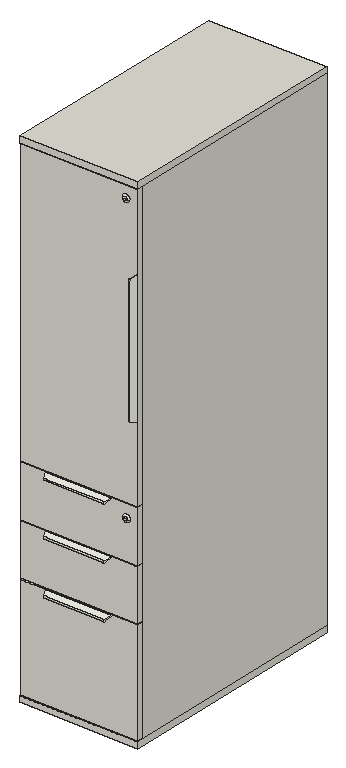
Revit family "Haworth_BeHold_PersonalStorageTower_HingedBookcase_15Wide", category Furniture Systems, Revit 2018
Family settings
  Round Connector Dimension = Use Diameter
  Part Type = Normal
  OmniClass Number = 23.40.70.14.64.21
  OmniClass Title = Systems Furniture
  Work Plane-Based = No
  Always vertical = Yes
  Cut with Voids When Loaded = No
  Shared = No
  Room Calculation Point = No
Parameters (values of type "B/B/F - 30d 65h - Inset Back")
  With Lock = yes
  Wing Drawer Pull Length = if(Actual Width < 15", 6 1/2", if(Actual Width < 24", 8 5/16", if(Actual Width < 36", 13 1/8", 16 3/4")))  # 8 5/16"
  Wing Pull = yes
  Wing Door Pull Length = if(Actual Height < 49", 6 1/2", if(Actual Height < 57", 8 5/16", if(Actual Height < 65", 13 1/8", 16 3/4")))  # 16 3/4"
  Warranty = "http://www.haworth.com/resources/product-info/warranties"
  URL - Product = "https://www.haworth.com/na/en/products/active-storage/be-hold.html"
  URL = "www.haworth.com"
  Trim Finish [instance] = Haworth _ Paint _ Smooth Plaster
  Total Drawer Height = Storage Height - Bottom Case Offset - Case Thickness - 1/4"  # 26 1/2"
  Top Thickness = 3/4"  # constant formula
  Top Drawer Height = if(Box Box File, Middle Drawer Height, Bottom Drawer Height)  # 6 9/16"
  Top Case Back Control = if(Proud Style, 0", 3/16")  # 3/16"
  Sustainability Info = "https://www.haworth.com/company-info/sustainability"
  Storage Height = 28"  # constant formula
  Standard Heights = "41, 49, 57, 65 in."  # constant formula
  Size = "Verify Final Dim. w/ Haworth"  # constant formula
  Side Case Back Control = if(Proud Style, Case Thickness, 0")  # 0"
  Shelf 2 Offset = if(Actual Height = 65", 49", if(Actual Height = 57", 41", 32 5/16"))  # 49"
  Shelf 2 Control = Actual Height > 41"  # yes
  Shelf 1 Offset = Storage Height - Bottom Case Offset - Case Thickness  # 26 3/4"
  Right Panel Finish [instance] = Haworth _ Laminate _ Beige H-34
  Right Panel Edge Finish [instance] = Haworth _ Laminate _ Beige H-34
  Revision Number = "1"  # constant formula
  Pull Height Centerline = if(Door Height < 20", (Door Height / 2) - (0.05 * Door Height), Door Height / 2)  # 18 1/16"
  Pull Finish [instance] = Haworth _ Paint _ Smooth Plaster
  Proud Style = not(Inset Style)  # no
  Model = "Haworth Be_Hold"  # constant formula
  Min. Width = 15"  # constant formula
  Min. Height = 41"  # constant formula
  Min. Depth = 18"  # constant formula
  Middle Drawer Height = (Total Drawer Height - Distance Between Drawer) / 4  # 6 9/16"
  Left Panel Finish [instance] = Haworth _ Laminate _ Beige H-34
  Left Panel Edge Finish [instance] = Haworth _ Laminate _ Beige H-34
  Height = 65"
  File File = no
  Door Height = Actual Height - Storage Height - Case Thickness - 1/8"  # 36 1/8"
  Door Finish [instance] = Haworth _ Laminate _ Beige H-34
  Bottom Drawer Offset = Bottom Case Offset + Case Thickness + 1/8"  # 1 3/8"
  Bottom Drawer Height = (Total Drawer Height - Distance Between Drawer) / 2  # 13 1/8"
  Back Case Back Control = if(Proud Style, 0", 3/16")  # 3/16"
  Actual Height = if(Height > Max. Height, Max. Height, if(Height < Min. Height, Min. Height, Height))  # 65"
  3 Drawer Control = Box Box File  # yes
  Max. Width = 15"  # constant formula
  Max. Depth = 30"  # constant formula
  Max. Height = 65"  # constant formula
  Manufacturer = "Haworth"  # constant formula
  Linear Pull Length = 7 1/2"  # constant formula
  Linear Pull = no
  Inset Style = yes
  Glide Finish = Haworth _ Polymer _ Slate
  Front Finish [instance] = Haworth _ Laminate _ Beige H-34
  Front Edge Finish [instance] = Haworth _ Laminate _ Beige H-34
  Drawer Width = Actual Width - 1/8"  # 14 7/8"
  Distance Between Drawer = if(Box Box File, 1/4", 1/8")  # 1/4"
  Description = "Haworth - Be_Hold - Personal Storage Tower - Hinged Door"  # constant formula
  Depth = 30"
  Custom Size = not(and(or(Depth = 18", Depth = 24", Depth = 30"), or(Height = 41", Height = 49", Height = 57", Height = 65")))  # no
  Cresent Pull = no
  Classic Pull Length = 7 1/2"  # constant formula
  Classic Pull = no
  Case Thickness = 3/4"  # constant formula
  Case Finish [instance] = Haworth _ Laminate _ Beige H-34
  Case Edge Finish [instance] = Haworth _ Laminate _ Beige H-34
  Box Box File = not(File File)  # yes
  Bottom Case Offset = 1/2"  # constant formula
  Blade Pull Length = Drawer Width - 1/16"  # 14 13/16"
  Blade Pull = not(or(Cresent Pull, Linear Pull, Classic Pull, Wing Pull))  # no
  Back Case Side Control = if(Proud Style, 0", Case Thickness)  # 3/4"
  Author = "Haworth (Alias)"  # constant formula
  Assembly Code = "E2020200"
  Actual Width = 15"  # constant formula
  Actual Depth = if(Depth > Max. Depth, Max. Depth, if(Depth < Min. Depth, Min. Depth, Depth))  # 30"
  Standard Depths = "18, 24, 30 in."  # constant formula
Types (8): name | Wing Door Pull Length | Top Drawer Height | Top Case Back Control | Side Case Back Control | Shelf 2 Offset | Shelf 2 Control | Pull Height Centerline | Proud Style | Middle Drawer Height | Height | File File | Door Height | Bottom Drawer Height | Back Case Back Control | Actual Height | 3 Drawer Control | Inset Style | Distance Between Drawer | Depth | Box Box File | Back Case Side Control | Actual Depth
  B/B/F - 30d 65h - Inset Back | 16 3/4" | 6 9/16" | 3/16" | 0" | 49" | yes | 18 1/16" | no | 6 9/16" | 65" | no | 36 1/8" | 13 1/8" | 3/16" | 65" | yes | yes | 1/4" | 30" | yes | 3/4" | 30"
  B/B/F - 24d 57h - Inset Back | 13 1/8" | 6 9/16" | 3/16" | 0" | 41" | yes | 14 1/16" | no | 6 9/16" | 57" | no | 28 1/8" | 13 1/8" | 3/16" | 57" | yes | yes | 1/4" | 24" | yes | 3/4" | 24"
  B/B/F - 24d 49h - Inset Back | 8 5/16" | 6 9/16" | 3/16" | 0" | 32 5/16" | yes | 10 1/16" | no | 6 9/16" | 49" | no | 20 1/8" | 13 1/8" | 3/16" | 49" | yes | yes | 1/4" | 24" | yes | 3/4" | 24"
  B/B/F - 18d 41h - Inset Back | 6 1/2" | 6 9/16" | 3/16" | 0" | 32 5/16" | no | 5.45625" | no | 6 9/16" | 41" | no | 12 1/8" | 13 1/8" | 3/16" | 41" | yes | yes | 1/4" | 18" | yes | 3/4" | 18"
  F/F - 30d 65h - Proud Back | 16 3/4" | 13 3/16" | 0" | 3/4" | 49" | yes | 18 1/16" | yes | 6 19/32" | 65" | yes | 36 1/8" | 13 3/16" | 0" | 65" | no | no | 1/8" | 30" | no | 0" | 30"
  F/F - 24d 57h - Proud Back | 13 1/8" | 13 3/16" | 0" | 3/4" | 41" | yes | 14 1/16" | yes | 6 19/32" | 57" | yes | 28 1/8" | 13 3/16" | 0" | 57" | no | no | 1/8" | 24" | no | 0" | 24"
  F/F - 24d 49h - Proud Back | 8 5/16" | 13 3/16" | 0" | 3/4" | 32 5/16" | yes | 10 1/16" | yes | 6 19/32" | 49" | yes | 20 1/8" | 13 3/16" | 0" | 49" | no | no | 1/8" | 24" | no | 0" | 24"
  F/F - 18d 41h - Proud Back | 6 1/2" | 13 3/16" | 0" | 3/4" | 32 5/16" | no | 5.45625" | yes | 6 19/32" | 41" | yes | 12 1/8" | 13 3/16" | 0" | 41" | no | no | 1/8" | 18" | no | 0" | 18"
Reference planes (in)
  plane 1: z = 0
  plane 2 "Center L/R": x = -6.17556
  plane 3 "Center F/B": y = -14.5
  plane 4 "Top": z = 65
  plane 5 "Back": y = 0.5
  plane 6 "Front": y = -29.5
  plane 7 "Left": x = -13.67556
  plane 8 "Case Inside Left": x = -12.92556
  plane 9 "Case Inside Right": x = 0.57444
  plane 10 "Case Inside Back": y = -0.25
  plane 11 "Case Bottom": z = 0.5
  plane 12 "Case Inside Front": y = -28.75
  plane 13 "Inside Case Bottom": z = 1.25
  plane 14 "Inside Case Top": z = 64.25
  plane 15 "Top of Top Drawer": z = 27.875
  plane 16 "Bottom of Bottom Drawer": z = 1.375
  plane 17 "Right": x = 1.32444
  plane 18 "Top of Storage": z = 28
  plane 19 "Shelf 1 Top": z = 28
  plane 20 "Shelf 1 Bottom": z = 27.25
  plane 21 "Shelf 2 Top": z = 50.25
  plane 22 "Shelf 2 Bottom": z = 49.5
Forms (in)
  Sweep 1, solid, material "Haworth _ Polymer _ Slate" <- "Glide Finish"
    path origin (-12.92556, 0, 0) x (0, 1, 0) y (0, 0, 1)
      loop
        line (-28.75, 0.5) -> (-28.75, 0)
    profile origin (-12.92556, -28.75, 0.25) x (1, 0, 0) y (0, 1, 0)
      loop
        line (0, 2.00197) -> (0, 0.25)
        arc (0, 0.25) -> (0.07322, 0.07322) -> (0.25, 0) r 0.25
        line (0.25, 0) -> (2.00197, 0)
        arc (2.00197, 0) -> (2.17875, 0.07322) -> (2.25197, 0.25) r 0.25
        line (2.25197, 0.25) -> (2.25197, 0.70079) -> (0.70079, 2.25197) -> (0.25, 2.25197)
        arc (0.25, 2.25197) -> (0.07322, 2.17875) -> (0, 2.00197) r 0.25
  Sweep 2, solid, material "Haworth _ Polymer _ Slate" <- "Glide Finish"
    path origin (-12.92556, -23, 0) x (0, -1, 0) y (0, 0, 1)
      loop
        line (-22.75, 0.5) -> (-22.75, 0)
    profile origin (-12.92556, -0.25, 0.25) x (1, 0, 0) y (0, 1, 0)
      loop
        arc (0, -2.00197) -> (0.07322, -2.17875) -> (0.25, -2.25197) r 0.25
        line (0.25, -2.25197) -> (0.70079, -2.25197) -> (2.25197, -0.70079) -> (2.25197, -0.25)
        arc (2.25197, -0.25) -> (2.17875, -0.07322) -> (2.00197, 0) r 0.25
        line (2.00197, 0) -> (0.25, 0)
        arc (0.25, 0) -> (0.07322, -0.07322) -> (0, -0.25) r 0.25
        line (0, -0.25) -> (0, -2.00197)
  Sweep 3, solid, material "Haworth _ Polymer _ Slate" <- "Glide Finish"
    path origin (0.57444, 0, 0) x (0, -1, 0) y (0, 0, 1)
      loop
        line (28.75, 0.5) -> (28.75, 0)
    profile origin (0.57444, -28.75, 0.25) x (-1, 0, 0) y (0, -1, 0)
      loop
        arc (0, -2.00197) -> (0.07322, -2.17875) -> (0.25, -2.25197) r 0.25
        line (0.25, -2.25197) -> (0.70079, -2.25197) -> (2.25197, -0.70079) -> (2.25197, -0.25)
        arc (2.25197, -0.25) -> (2.17875, -0.07322) -> (2.00197, 0) r 0.25
        line (2.00197, 0) -> (0.25, 0)
        arc (0.25, 0) -> (0.07322, -0.07322) -> (0, -0.25) r 0.25
        line (0, -0.25) -> (0, -2.00197)
  Sweep 4, solid, material "Haworth _ Polymer _ Slate" <- "Glide Finish"
    path origin (0.57444, 0, 0) x (0, -1, 0) y (0, 0, 1)
      loop
        line (0.25, 0.5) -> (0.25, 0)
    profile origin (0.57444, -0.25, 0.25) x (-1, 0, 0) y (0, -1, 0)
      loop
        line (0, 2.00197) -> (0, 0.25)
        arc (0, 0.25) -> (0.07322, 0.07322) -> (0.25, 0) r 0.25
        line (0.25, 0) -> (2.00197, 0)
        arc (2.00197, 0) -> (2.17875, 0.07322) -> (2.25197, 0.25) r 0.25
        line (2.25197, 0.25) -> (2.25197, 0.70079) -> (0.70079, 2.25197) -> (0.25, 2.25197)
        arc (0.25, 2.25197) -> (0.07322, 2.17875) -> (0, 2.00197) r 0.25
  Extrusion 5, solid, material "Haworth _ Laminate _ Beige H-34" <- "Case Finish"
    sketch origin (0, 0, 0) x (1, 0, 0) y (0, 1, 0)
      loop
        line (-13.67556, 0.5) -> (-13.67556, -29.5) -> (1.32444, -29.5) -> (1.32444, 0.5) -> (-13.67556, 0.5)
    from 0.5 to 1.25
  Sweep 6, solid, material "Haworth _ Laminate _ Beige H-34" <- "Left Panel Finish"
    path origin (0, 0, 0.5) x (0, -1, 0) y (1, 0, 0)
      loop
        line (29.5, -13.67556) -> (29.5, -12.92556)
    profile origin (-13.30056, -29.5, 0.5) x (0, 1, 0) y (0, 0, 1)
      loop
        line (0.75, 63.75) -> (0.75, 0.75) -> (30, 0.75) -> (30, 63.75) -> (0.75, 63.75)
  Sweep 7, solid, material "Haworth _ Laminate _ Beige H-34" <- "Right Panel Finish"
    path origin (-12.35111, 0, 0.5) x (0, -1, 0) y (-1, 0, 0)
      loop
        line (29.5, -13.67556) -> (29.5, -12.92556)
    profile origin (0.94944, -29.5, 0.5) x (0, -1, 0) y (0, 0, 1)
      loop
        line (-0.75, 63.75) -> (-30, 63.75) -> (-30, 0.75) -> (-0.75, 0.75) -> (-0.75, 63.75)
  Sweep 8, solid, material "Haworth _ Laminate _ Beige H-34" <- "Case Finish"
    path origin (0, 0, 0.5) x (0, -1, 0) y (1, 0, 0)
      loop
        line (0.4375, -6.17556) -> (-0.3125, -6.17556)
    profile origin (-6.17556, -0.0625, 0.5) x (-1, 0, 0) y (0, 0, 1)
      loop
        line (-6.75, 0.75) -> (6.75, 0.75) -> (6.75, 63.75) -> (-6.75, 63.75) -> (-6.75, 0.75)
  Extrusion 9, solid, material "Haworth _ Laminate _ Beige H-34" <- "Case Finish"
    sketch origin (0, 0, 0.5) x (0, -1, 0) y (1, 0, 0)
      loop
        line (-0.5, -13.67556) -> (29.5, -13.67556) -> (29.5, 1.32444) -> (-0.5, 1.32444) -> (-0.5, -13.67556)
    from 63.75 to 64.5
  Extrusion 10, solid, material "Haworth _ Laminate _ Beige H-34" <- "Case Finish"
    sketch origin (0, 0, 0) x (1, 0, 0) y (0, 1, 0)
      loop
        line (-12.92556, -0.4375) -> (-12.92556, -28.75) -> (0.57444, -28.75) -> (0.57444, -0.4375) -> (-12.92556, -0.4375)
    from 27.25 to 28
  Extrusion 11, solid, material "Haworth _ Laminate _ Beige H-34" <- "Case Finish", visible <- "Shelf 2 Control"
    sketch origin (0, 0, 0) x (1, 0, 0) y (0, 1, 0)
      loop
        line (-12.92556, -0.4375) -> (-12.92556, -28.75) -> (0.57444, -28.75) -> (0.57444, -0.4375) -> (-12.92556, -0.4375)
    from 49.5 to 50.25
Lines and regions (in)
  Masking region 1
    outline origin (0, 0, 64.25) x (0, -1, 0) y (1, 0, 0)
      loop
        line (-0.5, -13.67556) -> (29.5, -13.67556) -> (29.5, 1.32444) -> (-0.5, 1.32444) -> (-0.5, -13.67556)
  symbolic lines, style "FurnitureSystemsHiddenLines", detail levels medium+fine
    curve 1: line (-13.67556, -28.75, 64.25) -> (1.32444, -28.75, 64.25)
Dimensions and locks (in)
  equal spacing: plane 5 "Back", plane 3 "Center F/B", plane 6 "Front"
  "Actual Depth": plane 5 "Back" to plane 6 "Front"
  "Case Thickness": plane 8 "Case Inside Left" to plane 7 "Left"
  "Bottom Case Offset": plane 11 "Case Bottom" to plane 1
  "Case Thickness": plane 10 "Case Inside Back" to plane 5 "Back"
  "Case Thickness": plane 6 "Front" to plane 12 "Case Inside Front"
  locked: Sweep 1 sketch curve to plane 11 "Case Bottom" at 0.5
  locked: Sweep 2 sketch curve to plane 11 "Case Bottom" at 0.5
  locked: Sweep 4 sketch curve to plane 11 "Case Bottom" at 0.5
  locked: Sweep 3 sketch curve to plane 11 "Case Bottom" at 0.5
  "Case Thickness": plane 13 "Inside Case Bottom" to plane 11 "Case Bottom"
  "Top Thickness": plane 4 "Top" to plane 14 "Inside Case Top"
  "Side Case Back Control": Sweep 6 sketch curve to plane 5 "Back"
  "Side Case Back Control": Sweep 7 sketch curve to plane 5 "Back"
  "Back Case Side Control": Sweep 8 sketch curve to plane 7 "Left"
  locked: plane 16 "Bottom of Bottom Drawer" to plane 13 "Inside Case Bottom" at 0.125
  locked: nested 2 to nested 1 at 0.125
  "Case Thickness": Sweep 8 sketch curve to Sweep 8 sketch curve
  "Back Case Back Control": plane 5 "Back" to Sweep 8 sketch curve
  equal spacing: plane 7 "Left", plane 2 "Center L/R", plane 17 "Right"
  "Actual Width": plane 7 "Left" to plane 17 "Right"
  "Case Thickness": plane 9 "Case Inside Right" to plane 17 "Right"
  locked: plane 18 "Top of Storage" to plane 15 "Top of Top Drawer" at 0.125
  "Storage Height": plane 18 "Top of Storage" to plane 1
  "Actual Height": plane 4 "Top" to plane 1
  "Back Case Side Control": Sweep 8 sketch curve to plane 17 "Right"
  "Case Thickness": plane 22 "Shelf 2 Bottom" to plane 21 "Shelf 2 Top"
  "Case Thickness": plane 20 "Shelf 1 Bottom" to plane 19 "Shelf 1 Top"
  "Shelf 2 Offset": plane 21 "Shelf 2 Top" to plane 13 "Inside Case Bottom"
  "Shelf 1 Offset": plane 19 "Shelf 1 Top" to plane 13 "Inside Case Bottom"
  "Top Case Back Control": Extrusion 10 sketch curve to plane 10 "Case Inside Back"
  "Top Case Back Control": Extrusion 11 sketch curve to plane 10 "Case Inside Back"
  aligned and locked: Sweep 1 sketch curve to plane 12 "Case Inside Front"
  aligned and locked: plane 11 "Case Bottom" to Sweep 1 sketch curve
  aligned and locked: plane 10 "Case Inside Back" to Sweep 2 sketch curve
  aligned and locked: plane 11 "Case Bottom" to Sweep 2 sketch curve
  aligned and locked: plane 10 "Case Inside Back" to Sweep 4 sketch curve
  aligned and locked: plane 11 "Case Bottom" to Sweep 4 sketch curve
  aligned and locked: Sweep 3 sketch curve to plane 12 "Case Inside Front"
  aligned and locked: plane 11 "Case Bottom" to Sweep 3 sketch curve
  aligned and locked: Extrusion 5 sketch curve to plane 5 "Back"
  aligned and locked: plane 7 "Left" to Extrusion 5 sketch curve
  aligned and locked: plane 6 "Front" to Extrusion 5 sketch curve
  aligned and locked: plane 11 "Case Bottom" to Extrusion 5
  aligned and locked: plane 13 "Inside Case Bottom" to Extrusion 5
  aligned and locked: plane 7 "Left" to Sweep 6 sketch curve
  aligned and locked: plane 8 "Case Inside Left" to Sweep 6 sketch curve
  aligned and locked: Sweep 6 sketch curve to plane 6 "Front"
  aligned and locked: plane 13 "Inside Case Bottom" to Sweep 6 sketch curve
  aligned and locked: plane 6 "Front" to Sweep 7 sketch curve
  aligned and locked: plane 9 "Case Inside Right" to Sweep 7 sketch curve
  aligned and locked: plane 13 "Inside Case Bottom" to Sweep 7 sketch curve
  aligned and locked: plane 2 "Center L/R" to Sweep 8 sketch curve
  aligned and locked: Sweep 8 sketch curve to plane 13 "Inside Case Bottom"
  aligned and locked: plane 4 "Top" to Extrusion 9
  aligned and locked: plane 14 "Inside Case Top" to Extrusion 9
  aligned and locked: Masking region 1 sketch curve to plane 5 "Back"
  aligned and locked: plane 7 "Left" to Masking region 1 sketch curve
  aligned and locked: plane 6 "Front" to Masking region 1 sketch curve
  aligned and locked: curve 1 to plane 12 "Case Inside Front"
  aligned and locked: plane 12 "Case Inside Front" to Sweep 7 sketch curve
  aligned and locked: plane 12 "Case Inside Front" to Sweep 6 sketch curve
  aligned and locked: nested 3 to plane 15 "Top of Top Drawer"
  aligned and locked: plane 6 "Front" to nested 1
  aligned and locked: plane 6 "Front" to nested 2
  aligned and locked: plane 6 "Front" to nested 3
  aligned and locked: plane 2 "Center L/R" to nested 3
  aligned and locked: plane 2 "Center L/R" to nested 2
  aligned and locked: plane 2 "Center L/R" to nested 1
  aligned and locked: plane 17 "Right" to Sweep 7 sketch curve
  aligned and locked: plane 14 "Inside Case Top" to Sweep 7 sketch curve
  aligned and locked: plane 14 "Inside Case Top" to Sweep 6 sketch curve
  aligned and locked: plane 6 "Front" to Extrusion 9 sketch curve
  aligned and locked: plane 17 "Right" to Extrusion 9 sketch curve
  aligned and locked: plane 7 "Left" to Extrusion 9 sketch curve
  aligned and locked: Extrusion 9 sketch curve to plane 5 "Back"
  aligned and locked: plane 14 "Inside Case Top" to Sweep 8 sketch curve
  aligned and locked: plane 9 "Case Inside Right" to Extrusion 10 sketch curve
  aligned and locked: plane 12 "Case Inside Front" to Extrusion 10 sketch curve
  aligned and locked: plane 8 "Case Inside Left" to Extrusion 10 sketch curve
  aligned and locked: plane 20 "Shelf 1 Bottom" to Extrusion 10
  aligned and locked: plane 19 "Shelf 1 Top" to Extrusion 10
  aligned and locked: plane 9 "Case Inside Right" to Extrusion 11 sketch curve
  aligned and locked: plane 8 "Case Inside Left" to Extrusion 11 sketch curve
  aligned and locked: plane 12 "Case Inside Front" to Extrusion 11 sketch curve
  aligned and locked: plane 21 "Shelf 2 Top" to Extrusion 11
  aligned and locked: plane 22 "Shelf 2 Bottom" to Extrusion 11
  aligned and locked: plane 18 "Top of Storage" to nested 4
  aligned and locked: plane 6 "Front" to nested 4
  aligned and locked: plane 2 "Center L/R" to nested 4
  aligned and locked: plane 17 "Right" to Extrusion 5 sketch curve
  aligned and locked: plane 17 "Right" to Masking region 1 sketch curve
Automatic sketch dimensions
  Sweep 1 sketch curve to plane 8 "Case Inside Left" = 0"
  profile plane to Sweep 1 sketch curve = 0"
  Sweep 1 sketch curve to Sweep 1 sketch curve = 1/4"  (x2)
  Sweep 1 sketch curve to Sweep 1 sketch curve = 0.45079"  (x2)
  Sweep 1 sketch curve to profile plane = 1/4"
  Sweep 1 sketch curve to Sweep 1 sketch curve = 1.75197"  (x2)
  Sweep 2 sketch curve to plane 8 "Case Inside Left" = 0"
  profile plane to Sweep 2 sketch curve = 0"
  Sweep 2 sketch curve to Sweep 2 sketch curve = 1/4"  (x2)
  Sweep 2 sketch curve to Sweep 2 sketch curve = 0.45079"  (x2)
  profile plane to Sweep 2 sketch curve = 1/4"
  Sweep 2 sketch curve to Sweep 2 sketch curve = 1.75197"  (x2)
  Sweep 3 sketch curve to plane 9 "Case Inside Right" = 0"
  Sweep 3 sketch curve to profile plane = 0"
  Sweep 3 sketch curve to Sweep 3 sketch curve = 1/4"  (x2)
  Sweep 3 sketch curve to Sweep 3 sketch curve = 0.45079"  (x2)
  profile plane to Sweep 3 sketch curve = 1/4"
  Sweep 3 sketch curve to Sweep 3 sketch curve = 1.75197"  (x2)
  Sweep 4 sketch curve to plane 9 "Case Inside Right" = 0"
  Sweep 4 sketch curve to profile plane = 0"
  plane 9 "Case Inside Right" to Sweep 4 sketch curve = 1/4"  (x2)
  Sweep 4 sketch curve to Sweep 4 sketch curve = 0.45079"  (x2)
  Sweep 4 sketch curve to profile plane = 1/4"
  Sweep 4 sketch curve to Sweep 4 sketch curve = 1.75197"  (x2)
  curve 1 to plane 7 "Left" = 0"
  curve 1 to plane 17 "Right" = 0"
Nested families (in)
  nested 1: "Haworth_BeHold_Drawer_PART" at (-6.17556, -28.36287, 1.375), Drawer Height <- "Bottom Drawer Height", built-in parameter 1001364 <- "Bottom Drawer Offset", type "Haworth_Drawer - Without Lock"
    with Pull Height 13 1/8", Drawer Height 13 1/8", With Lock no, Wing Pull Length 8 5/16", Drawer Width 14 7/8", Classic Pull Length 7 1/2", Blade Pull Length 14 13/16", Linear Pull Length 7 1/2"
  nested 2: "Haworth_BeHold_Drawer_PART" at (-6.17556, -28.36287, 14.625), Drawer Height <- "Middle Drawer Height", visible <- "3 Drawer Control", type "Haworth_Drawer - Without Lock"
    with Pull Height 6 9/16", Drawer Height 6 9/16", With Lock no, Wing Pull Length 8 5/16", Drawer Width 14 7/8", Classic Pull Length 7 1/2", Blade Pull Length 14 13/16", Linear Pull Length 7 1/2"
  nested 3: "Haworth_BeHold_Drawer_PART" at (-6.17556, -28.36287, 21.3125), Drawer Height <- "Top Drawer Height", type "Haworth_Drawer"
    with Pull Height 6 9/16", Drawer Height 6 9/16", Wing Pull Length 8 5/16", Drawer Width 14 7/8", Classic Pull Length 7 1/2", Blade Pull Length 14 13/16", Linear Pull Length 7 1/2"
  nested 4: "Haworth_BeHold_Door_Hinged_PART" at (-4.99535, -29.09476, 28) x (-1, 0, 0) z (0, 0, 1), With Lock <- "With Lock", type "Door"
    with With Lock yes, Wing Pull Length 16 3/4", Linear Pull Length 7 1/2", Classic Pull Length 7 1/2", Pull Height Centerline 18 1/16", Door Width 14 7/8", Door Height 36 1/8"
Definition of nested family "Haworth_BeHold_Drawer_PART"
  Parameters (values of type "Haworth_Drawer")
    With Lock = yes
    Wing Pull Length = 6 1/2"
    Wing Pull = yes
    Warranty = "http://www.haworth.com/resources/product-info/warranties"
    URL - Product = ""
    URL = "www.haworth.com"
    Trim Finish = none
    Revision Number = "1"  # constant formula
    Pull Height [instance] = if(or(Wing Pull, Blade Pull), Drawer Height, Drawer Height - 1 21/32")  # 12"
    Pull Finish = none
    Note = "Verify Final Dim. w/ Haworth"  # constant formula
    Model = "Haworth Be_Hold"  # constant formula
    Manufacturer = "Haworth"  # constant formula
    Lock Offset Top = 1 21/32"  # constant formula
    Lock Offset Side = 1 3/8"  # constant formula
    Linear Pull = no
    Front Finish = none
    Front Edge Finish = none
    Drawer Width = 15 1/2"
    Drawer Height [instance] = 12"
    Description = "Haworth - Be_Hold - Drawer"
    Cresent Pull = no
    Classic Pull Length = 6 3/4"
    Classic Pull = no
    Blade Pull Length = 15 7/16"
    Blade Pull = no
    Linear Pull Length = 8"
    Author = "Haworth (Alias)"  # constant formula
    Assembly Code = ""
  Reference planes (in)
    plane 1 "Drawer Back": y = -0.26213
    plane 2: z = 0
    plane 3 "Center L/R": x = 0
    plane 4 "Drawer Front": y = -1.13713
    plane 5 "Left": x = -7.75
    plane 6 "Right": x = 7.75
    plane 7 "Top": z = 12
    plane 8 "Hardware Start": y = -0.38713
    plane 9 "Lock Side": x = 6.375
    plane 10 "Lock Horizontal": z = 10.34375
  Forms (in)
    Extrusion 1, solid, material <- "Front Finish"
      sketch origin (0, -1.13713, 0) x (-1, 0, 0) y (0, 0, 1)
        loop
          line (-7.75, 12) -> (-7.75, 0) -> (7.75, 0) -> (7.75, 12) -> (-7.75, 12)
      from 0 to 0.75
    Revolve 2, solid, material <- "Trim Finish", visible <- "With Lock"
      sketch origin (0, 0, 10.34375) x (-1, 0, 0) y (0, -1, 0)
        loop
          line (-6.375, 1.13713) -> (-6.375, 1.2621) -> (-6.68756, 1.2621)
          arc (-6.68756, 1.2621) -> (-6.77593, 1.2255) -> (-6.81253, 1.13713) r 0.12497
          line (-6.81253, 1.13713) -> (-6.375, 1.13713)
        axis (-6.375, 1.13713) -> (-6.375, 1.2621)
      angle from 0 to 360
  Lines and regions (in)
    Masking region 1
      outline origin (0, 0, 10.34375) x (-1, 0, 0) y (0, -1, 0)
        loop
          line (7.75, 0.38713) -> (7.75, 1.13713) -> (-7.75, 1.13713) -> (-7.75, 0.38713) -> (7.75, 0.38713)
  Dimensions and locks (in)
    equal spacing: plane 5 "Left", plane 3 "Center L/R", plane 6 "Right"
    "Drawer Width": plane 5 "Left" to plane 6 "Right"
    "Drawer Height": plane 7 "Top" to level
    locked: plane 1 "Drawer Back" to plane 8 "Hardware Start" at 0.125
    plane 4 "Drawer Front" to plane 1 "Drawer Back" = 7/8"
    plane 4 "Drawer Front" to plane 8 "Hardware Start" = 3/4"
    "Lock Offset Side": plane 9 "Lock Side" to plane 6 "Right"
    "Lock Offset Top": plane 7 "Top" to plane 10 "Lock Horizontal"
    locked: Revolve 2 sketch curve to plane 4 "Drawer Front" at 0.12497
    locked: plane 9 "Lock Side" to Revolve 2 sketch curve at 0.43753
    aligned and locked: Extrusion 1 sketch curve to plane 6 "Right"
    aligned and locked: plane 7 "Top" to Extrusion 1 sketch curve
    aligned and locked: Extrusion 1 sketch curve to plane 5 "Left"
    aligned and locked: Extrusion 1 sketch curve to plane 2
    aligned and locked: Extrusion 1 to plane 8 "Hardware Start"
    aligned and locked: Extrusion 1 to plane 4 "Drawer Front"
    aligned and locked: plane 9 "Lock Side" to Revolve 2 sketch curve  (x2)
    aligned and locked: Revolve 2 sketch curve to plane 4 "Drawer Front"
    aligned and locked: plane 3 "Center L/R" to nested 1
    aligned and locked: nested 1 to plane 4 "Drawer Front"
    aligned and locked: plane 6 "Right" to Masking region 1 sketch curve
    aligned and locked: plane 8 "Hardware Start" to Masking region 1 sketch curve
    aligned and locked: plane 4 "Drawer Front" to Masking region 1 sketch curve
    aligned and locked: plane 5 "Left" to Masking region 1 sketch curve
  Automatic sketch dimensions
    plane 8 "Hardware Start" to Revolve 2 sketch curve = 0.19925"
    Revolve 2 sketch curve to Revolve 2 sketch curve = 0.41501"
  Nested families (in)
    nested 1: "Haworth_Drawer-Pulls_PART" at (0, -1.13713, 12), built-in parameter 1001364 <- "Pull Height", type "Pull"
      with Wing yes, Linear no
  Definition of nested family "Haworth_Drawer-Pulls_PART"
    Parameters (values of type "Pull")
      Wing Pull Length = 6 1/2"
      Wing = no
      Warranty = "https://www.haworth.com/resources/product-info/warranties"
      URL = "https://www.haworth.com"
      Trim Finish = none
      Revision Number = "1"  # constant formula
      Model = "Haworth Be_Hold"  # constant formula
      Manufacturer = "Haworth"  # constant formula
      Linear Pull Length = 8"
      Linear = yes
      Description = "Haworth - Be_Hold - Pull Part"
      Cresent = no
      Classic Pull Length = 6 3/4"
      Classic = no
      Blade Pull Length = 15 7/16"
      Blade = no
      Author = "Haworth (Alias)"  # constant formula
      Assembly Code = ""
    Reference planes (in)
      plane 1 "Center Front/Back": y = 0
      plane 2: z = 0
      plane 3 "Center Left/Right": x = 0
      plane 4 "Classic Left": x = -3.375
      plane 5 "Classic Right": x = 3.375
      plane 6 "Linear Left": x = -4
      plane 7 "Linear Right": x = 4
      plane 8 "Wing Right": x = 3.25001
      plane 9 "Wing Left": x = -3.25001
      plane 10 "Blade Left": x = -7.71875
      plane 11 "Blade Right": x = 7.71875
    Forms (in)
      Extrusion 1, solid, material <- "Trim Finish", visible <- "Linear"
        sketch origin (0, 0, 0.125) x (1, 0, 0) y (0, 1, 0)
          loop
            line (-4, 0) -> (-4, -1.25) -> (4, -1.25) -> (4, 0) -> (3, 0) -> (3, -1) -> (-3, -1) -> (-3, 0) -> (-4, 0)
        from 0 to -0.25
      Extrusion 2, solid, material <- "Trim Finish", visible <- "Classic"
        sketch origin (0, 0, 0.375) x (1, 0, 0) y (0, 0, 1)
          loop
            line (-3.375, 0) -> (-3.375, -0.75)
            arc (-3.375, -0.75) -> (-3, -0.375) -> (-3.375, 0) r 0.375
        from 0 to 1
      Extrusion 3, solid, material <- "Trim Finish", visible <- "Classic"
        sketch origin (0, 0, 0.375) x (-1, 0, 0) y (0, 0, -1)
          loop
            arc (-3.375, 0.00132) -> (-3.00132, 0.375) -> (-3.375, 0.74868) r 0.37368
            line (-3.375, 0.74868) -> (-3.375, 0.00132)
        from 0 to 1
      Extrusion 4, solid, material <- "Trim Finish", visible <- "Classic"
        sketch origin (0, 0, 0.375) x (1, 0, 0) y (0, 0, 1)
          loop
            line (-3.375, 0) -> (-3.375, -0.75) -> (3.375, -0.75) -> (3.375, 0) -> (-3.375, 0)
        from 1 to 1.25
      Sweep 5, solid, material <- "Trim Finish", visible <- "Cresent"
        path origin (0, 0, 0) x (1, 0, 0) y (0, 1, 0)
          loop
            arc (-3.75002, 0) -> (-0.00002, -1.25) -> (3.74998, 0) r 6.25
        profile origin (-0.00002, -1.25, 0) x (0, 1, 0) y (0, 0, 1)
          loop
            circle (0.125, 0) r 0.125
      Sweep 6, solid, material <- "Trim Finish", visible <- "Wing"
        path origin (0, 0, 0) x (1, 0, 0) y (0, 1, 0)
          loop
            line (3.25001, 0) -> (-3.25001, 0)
        profile origin (0, 0, 0) x (0, -1, 0) y (0, 0, 1)
          loop
            line (0, -0.055) -> (0.7144, -0.45418)
            arc (0.7144, -0.45418) -> (0.85453, -0.40762) -> (0.79557, -0.27225) r 0.10001
            line (0.79557, -0.27225) -> (0, 0) -> (0, -0.055)
      Extrusion 7, void
        sketch origin (0, 0, 0) x (1, 0, 0) y (0, 1, 0)
          loop
            line (-3.25001, 0) -> (-3.25001, -0.92709) -> (-2.91255, -0.92709) -> (-3.25001, 0)
          loop
            line (3.25001, 0) -> (2.91255, -0.92709) -> (3.25001, -0.92709) -> (3.25001, 0)
        from -1 to 0.5
      Sweep 8, solid, material <- "Trim Finish", visible <- "Blade"
        path origin (0, 0, 0) x (1, 0, 0) y (0, 0, 1)
          loop
            line (0, 0) -> (0, 0.09375)
        profile origin (0, 0, 0.04687) x (-1, 0, 0) y (0, -1, 0)
          loop
            line (7.71875, -0.75) -> (7.71875, 0.40579)
            arc (7.71875, 0.40579) -> (7.682, 0.4945) -> (7.59329, 0.53125) r 0.12546
            line (7.59329, 0.53125) -> (-7.59361, 0.53125)
            arc (-7.59361, 0.53125) -> (-7.6821, 0.4946) -> (-7.71875, 0.40611) r 0.12514
            line (-7.71875, 0.40611) -> (-7.71875, -0.75) -> (7.71875, -0.75)
    Cuts and joins
      Extrusion 7 cuts Extrusion 4
      joined: Extrusion 2, Extrusion 3, Extrusion 4
      Extrusion 7 cuts Sweep 6
    Lines and regions (in)
      symbolic lines, detail levels fine
        curve 1: line (-4, 0, 0) -> (4, 0, 0)
    Dimensions and locks (in)
      equal spacing: plane 4 "Classic Left", plane 3 "Center Left/Right", plane 5 "Classic Right"
      "Classic Pull Length": plane 4 "Classic Left" to plane 5 "Classic Right"
      locked: Extrusion 1 sketch curve to Extrusion 1 sketch curve at 1  (x2)
      equal spacing: plane 6 "Linear Left", plane 3 "Center Left/Right", plane 7 "Linear Right"
      "Linear Pull Length": plane 6 "Linear Left" to plane 7 "Linear Right"
      locked: profile plane to Sweep 5 sketch curve at 0.125
      locked: plane 9 "Wing Left" to Extrusion 7 sketch curve at 0.33745
      locked: Extrusion 7 sketch curve to plane 1 "Center Front/Back" at 0.92709
      locked: plane 1 "Center Front/Back" to Extrusion 7 sketch curve at 0.92709
      Extrusion 7 sketch curve to plane 8 "Wing Right" = 0.33745"
      equal spacing: plane 11 "Blade Right", plane 3 "Center Left/Right", plane 10 "Blade Left"
      "Blade Pull Length": plane 11 "Blade Right" to plane 10 "Blade Left"
      locked: Sweep 8 sketch curve to plane 2 at 0.09375
      locked: Sweep 8 sketch curve to plane 1 "Center Front/Back" at 0.75
      locked: Sweep 8 sketch curve to plane 1 "Center Front/Back" at 0.53125
      equal spacing: plane 8 "Wing Right", plane 3 "Center Left/Right", plane 9 "Wing Left"
      "Wing Pull Length": plane 8 "Wing Right" to plane 9 "Wing Left"
      aligned and locked: plane 4 "Classic Left" to Extrusion 4 sketch curve
      aligned and locked: plane 5 "Classic Right" to Extrusion 4 sketch curve
      aligned and locked: plane 5 "Classic Right" to Extrusion 3 sketch curve
      aligned and locked: Extrusion 2 sketch curve to plane 4 "Classic Left"
      aligned and locked: Extrusion 1 sketch curve to plane 7 "Linear Right"
      aligned and locked: Extrusion 1 sketch curve to plane 6 "Linear Left"
      aligned and locked: plane 2 to Sweep 5 sketch curve
      aligned and locked: profile plane to plane 2
      aligned and locked: Sweep 6 sketch curve to plane 1 "Center Front/Back"
      aligned and locked: plane 8 "Wing Right" to Sweep 6 sketch curve
      aligned and locked: plane 9 "Wing Left" to Sweep 6 sketch curve
      aligned and locked: Extrusion 7 sketch curve to plane 9 "Wing Left"
      aligned and locked: Extrusion 7 sketch curve to plane 8 "Wing Right"
      aligned and locked: plane 2 to Sweep 8 sketch curve
      aligned and locked: Sweep 8 sketch curve to plane 10 "Blade Left"
      aligned and locked: Sweep 8 sketch curve to plane 11 "Blade Right"
      aligned and locked: plane 1 "Center Front/Back" to curve 1
      aligned and locked: plane 7 "Linear Right" to curve 1
      aligned and locked: plane 6 "Linear Left" to curve 1
    Automatic sketch dimensions
      Extrusion 2 sketch curve to level = 0"
      Extrusion 2 sketch curve to level = 3/8"
      Extrusion 3 sketch curve to level = 0"
      level to Extrusion 3 sketch curve = 0.37368"
      Extrusion 4 sketch curve to level = 3/8"
      level to Extrusion 4 sketch curve = 3/8"
      plane 1 "Center Front/Back" to Extrusion 1 sketch curve = 0"  (x2)
      plane 1 "Center Front/Back" to Extrusion 1 sketch curve = 1"
      Extrusion 1 sketch curve to Extrusion 1 sketch curve = 1/4"
      plane 1 "Center Front/Back" to Sweep 5 sketch curve = 0"  (x2)
      Sweep 5 sketch curve to plane 3 "Center Left/Right" = 0.00002"
      Sweep 5 sketch curve to plane 1 "Center Front/Back" = 5"
      Sweep 5 sketch curve to plane 6 "Linear Left" = 0.24998"
      Sweep 6 sketch curve to profile plane = 0"
      Sweep 6 sketch curve to profile plane = 0.7144"
      Sweep 6 sketch curve to Sweep 6 sketch curve = 0.04879"
      Sweep 6 sketch curve to Sweep 6 sketch curve = 0.03238"
      Sweep 6 sketch curve to level = 0.45418"
      Sweep 6 sketch curve to Sweep 6 sketch curve = 0.08731"
      Sweep 6 sketch curve to Sweep 6 sketch curve = 0.27225"
      Sweep 6 sketch curve to Sweep 6 sketch curve = 0.055"
      plane 1 "Center Front/Back" to Extrusion 7 sketch curve = 0"  (x2)
      Sweep 8 sketch curve to plane 3 "Center Left/Right" = 0"
      Sweep 8 sketch curve to Sweep 8 sketch curve = 0.12514"
      Sweep 8 sketch curve to Sweep 8 sketch curve = 0.12546"
      radius of Sweep 5 sketch curve = 1/8"
Definition of nested family "Haworth_BeHold_Door_Hinged_PART"
  Parameters (values of type "Door")
    With Lock [instance] = yes
    Wing Pull Length = 8.31"
    Wing Pull Act = and(Wing Pull, not(Touch Latch))  # yes
    Wing Pull = yes
    Warranty = "https://www.haworth.com/resources/product-info/warranties"
    URL - Product = ""
    URL = "www.haworth.com"
    Trim Finish = none
    Touch Latch = no
    Revision Number = "1"  # constant formula
    Pull Finish = none
    Note = "Verify Final Dim. w/ Haworth"  # constant formula
    Model = "Haworth Be_Hold"  # constant formula
    Lock Top Offset = 1.445"  # constant formula
    Lock Side Offset = 1 1/2"  # constant formula
    Linear Pull Length = 7.13"
    Linear Pull Act = and(Linear Pull, not(Touch Latch))  # no
    Linear Pull = no
    Front Finish = none
    Front Edge Finish = none
    Description = "Haworth - Be_Hold - Door Part"
    Crescent Pull Act = and(Crescent Pull, not(Touch Latch))  # no
    Crescent Pull = no
    Classic Pull Length = 8"
    Classic Pull = no
    Classic Pull Act = and(Classic Pull, not(Touch Latch))  # no
    Assembly Code = ""
    Pull Offset Centerline = if(Wing Pull Act, 0", 1 1/2")  # 0"
    Pull Height Centerline = 8.892"
    Door Width = 17.85"
    Door Height = 19.76"
    Door Depth = 3/4"
    Manufacturer = "Haworth"  # constant formula
    Author = "Haworth (Alias)"  # constant formula
  Reference planes (in)
    plane 1 "Center F/B": y = -0.03024
    plane 2: z = 0
    plane 3 "Center L/R": x = 1.1802
    plane 4 "Left": x = -7.7448
    plane 5 "Right": x = 10.1052
    plane 6 "Back": y = 0.34476
    plane 7 "Front": y = -0.40524
    plane 8 "Top": z = 19.76
    plane 9 "Pull Offset": x = -7.7448
    plane 10 "Pull Height": z = 8.892
    plane 11 "Lock Vertical": x = -6.2998
    plane 12 "Lock Horizontal": z = 18.315
    plane 13 "Swing Symbol": y = -3.40524
  Forms (in)
    Extrusion 1, solid, material <- "Front Finish"
      sketch origin (0, -0.03024, 0) x (1, 0, 0) y (0, 0, 1)
        loop
          line (-7.7448, 19.76) -> (-7.7448, 0) -> (10.1052, 0) -> (10.1052, 19.76) -> (-7.7448, 19.76)
      from -0.375 to 0.375
    Revolve 2, solid, material <- "Trim Finish", visible <- "With Lock"
      sketch origin (0, 0, 18.315) x (0, -1, 0) y (1, 0, 0)
        loop
          line (0.40524, -6.2998) -> (0.53025, -6.2998) -> (0.53025, -5.98733)
          arc (0.53025, -5.98733) -> (0.49364, -5.89891) -> (0.40524, -5.86227) r 0.12506
          line (0.40524, -5.86227) -> (0.40524, -6.2998)
        axis (0.40524, -6.2998) -> (0.53025, -6.2998)
      angle from 0 to 360
  Lines and regions (in)
    Masking region 1
      outline origin (0, 0, 0) x (1, 0, 0) y (0, 1, 0)
        loop
          line (-7.7448, 0.34476) -> (-7.7448, -0.40524) -> (10.1052, -0.40524) -> (10.1052, 0.34476) -> (-7.7448, 0.34476)
    symbolic lines, detail levels fine
      curve 1: line (-7.7448, -0.40524, 19.76) -> (10.1052, -0.40524, 9.88)
      curve 2: line (10.1052, -0.40524, 9.88) -> (-7.7448, -0.40524, 0)
    symbolic lines, not visible, detail levels fine
      curve 3: arc (-7.7448, -0.40524, 18.315) -> (-7.68121, -1.9106, 18.315) -> (-7.49089, -3.40524, 18.315) r 17.85
    symbolic lines, detail levels medium+fine
      curve 4: line (10.1052, -0.40524, 18.315) -> (-7.49089, -3.40524, 18.315)
  Dimensions and locks (in)
    "Door Height": plane 8 "Top" to level
    equal spacing: plane 6 "Back", plane 1 "Center F/B", plane 7 "Front"
    "Door Depth": plane 6 "Back" to plane 7 "Front"
    equal spacing: plane 4 "Left", plane 3 "Center L/R", plane 5 "Right"
    "Door Width": plane 4 "Left" to plane 5 "Right"
    "Pull Offset Centerline": plane 9 "Pull Offset" to plane 4 "Left"
    "Pull Height Centerline": plane 10 "Pull Height" to level
    equal spacing: plane 8 "Top", curve 2, plane 2
    "Lock Top Offset": plane 4 "Left" to plane 11 "Lock Vertical"
    locked: Revolve 2 sketch curve to plane 7 "Front" at 0.12502
    locked: plane 11 "Lock Vertical" to Revolve 2 sketch curve at 0.43753
    "Lock Top Offset": plane 8 "Top" to plane 12 "Lock Horizontal"
    locked: plane 13 "Swing Symbol" to plane 7 "Front" at 3
    "Door Width": radius of curve 3
    aligned and locked: plane 4 "Left" to Extrusion 1 sketch curve
    aligned and locked: Extrusion 1 sketch curve to plane 5 "Right"
    aligned and locked: Extrusion 1 sketch curve to plane 8 "Top"
    aligned and locked: level to Extrusion 1 sketch curve
    aligned and locked: plane 6 "Back" to Extrusion 1
    aligned and locked: Extrusion 1 to plane 7 "Front"
    aligned and locked: Extrusion 1 to plane 4 "Left"
    aligned and locked: plane 9 "Pull Offset" to nested 1
    aligned and locked: plane 10 "Pull Height" to nested 1
    aligned and locked: nested 1 to plane 7 "Front"
    aligned and locked: plane 11 "Lock Vertical" to Revolve 2 sketch curve  (x2)
    aligned and locked: plane 7 "Front" to Revolve 2 sketch curve
    aligned and locked: plane 5 "Right" to curve 3
    aligned and locked: plane 7 "Front" to curve 3
    aligned and locked: plane 5 "Right" to curve 4
    aligned and locked: plane 13 "Swing Symbol" to curve 4
  Automatic sketch dimensions
    Masking region 1 sketch curve to plane 5 "Right" = 0"
    curve 1 to plane 5 "Right" = 0"
    curve 1 to plane 4 "Left" = 0"
    curve 2 to level = 0"
    curve 2 to plane 4 "Left" = 0"
    curve 1 to plane 8 "Top" = 0"
    Masking region 1 sketch curve to plane 4 "Left" = 0"
    Masking region 1 sketch curve to plane 7 "Front" = 0"
    Masking region 1 sketch curve to plane 6 "Back" = 0"
    plane 7 "Front" to Revolve 2 sketch curve = 0.00004"
    plane 6 "Back" to Revolve 2 sketch curve = 3/4"
    Revolve 2 sketch curve to Revolve 2 sketch curve = 1 5/8"
    curve 4 to plane 7 "Front" = 0"
  Nested families (in)
    nested 1: "Haworth_DoorHinged-Pulls_PART" at (-6.46165, -0.375, 8.892), type "Pull"
      with Wing yes, Classic no
  Definition of nested family "Haworth_DoorHinged-Pulls_PART"
    Parameters (values of type "Pull")
      Working Distance = 0"  # constant formula
      Wing Pull Length = 8.31"
      Wing = no
      Warranty = "https://www.haworth.com/resources/product-info/warranties"
      URL - Product = ""
      URL = "www.haworth.com"
      Trim Finish = none
      Revision Number = "1"  # constant formula
      Model = "Haworth Be_Hold"  # constant formula
      Manufacturer = "Haworth"  # constant formula
      Linear Pull Length = 7.13"
      Linear = no
      Description = "Haworth - Be_Hold - Door Pulls"
      Cresent = no
      Classic Pull Length = 8"
      Classic = yes
      Author = "Haworth (Alias)"  # constant formula
      Assembly Code = ""
    Reference planes (in)
      plane 1 "Center F/B": y = -0.03024
      plane 2 "Center": z = 0
      plane 3 "Center L/R": x = -1.28314
      plane 4 "Right": x = -0.78314
      plane 5 "Left": x = -1.78314
      plane 6 "cresent": x = -1.28314
      plane 7 "classic": x = -1.28314
      plane 8 "linear": x = -1.28314
      plane 9 "Top linear": z = 3.565
      plane 10 "Bottom linear": z = -3.565
      plane 11 "Top classic": z = 4
      plane 12 "Bottom classic": z = -4
      plane 13 "Top wing": z = 4.155
      plane 14 "Bottom wing": z = -4.155
      plane 15 "wing": x = -1.28314
    Forms (in)
      Extrusion 1, solid, material <- "Trim Finish", visible <- "Linear"
        sketch origin (-1.28314, 0, 0) x (0, 0, 1) y (0, -1, 0)
          loop
            line (3.565, 0.03024) -> (3.565, 1.28024) -> (-3.565, 1.28024) -> (-3.565, 0.03024) -> (-2.565, 0.03024) -> (-2.565, 1.03023) -> (2.565, 1.03023) -> (2.565, 0.03024) -> (3.565, 0.03024)
        from 0.125 to -0.125
      Extrusion 2, solid, material <- "Trim Finish", visible <- "Classic"
        sketch origin (-6.90814, -0.03024, 11.41861) x (0, 0, -1) y (1, 0, 0)
          loop
            line (7.41861, 6) -> (7.41861, 5.25)
            arc (7.41861, 5.25) -> (7.79361, 5.625) -> (7.41861, 6) r 0.375
        from 0 to 1
      Extrusion 3, solid, material <- "Trim Finish", visible <- "Classic"
        sketch origin (-6.90814, -0.03024, -4.625) x (0, 0, 1) y (-1, 0, 0)
          loop
            arc (0.625, -6) -> (1, -5.625) -> (0.625, -5.25) r 0.375
            line (0.625, -5.25) -> (0.625, -6)
        from 0 to 1
      Extrusion 4, solid, material <- "Trim Finish", visible <- "Classic"
        sketch origin (-6.90814, -0.03024, 11.41861) x (0, 0, -1) y (1, 0, 0)
          loop
            line (7.41861, 6) -> (7.41861, 5.25) -> (15.41861, 5.25) -> (15.41861, 6) -> (7.41861, 6)
        from 1 to 1.25
      Sweep 5, solid, material <- "Trim Finish", visible <- "Cresent"
        path origin (-1.28314, 0, 0) x (0, 1, 0) y (0, 0, 1)
          loop
            arc (-0.03024, 3.71234) -> (-1.24998, 0.00302) -> (-0.03024, -3.7063) r 6.25
        profile origin (-1.28314, -1.24998, 0.00302) x (1, 0, 0) y (0, 1, 0)
          loop
            circle (0, 0.125) r 0.125
      Extrusion 6, void
        sketch origin (-1.28314, 0, 0) x (0, 0, 1) y (0, -1, 0)
          loop
            line (3.79042, 0.03024) -> (-3.84035, 0.03024) -> (-3.84035, -0.32073) -> (3.79042, -0.32073) -> (3.79042, 0.03024)
        from 0.25 to -0.25
      Sweep 7, solid, material <- "Trim Finish", visible <- "Wing"
        path origin (0, -0.03024, 0) x (1, 0, 0) y (0, 0, 1)
          loop
            line (-1.28314, 4.155) -> (-1.28314, -4.155)
        profile origin (-1.28314, -0.03024, 0) x (0, -1, 0) y (1, 0, 0)
          loop
            line (0, 0) -> (0.79582, 0.27233)
            arc (0.79582, 0.27233) -> (0.85479, 0.40775) -> (0.71462, 0.45433) r 0.10005
            line (0.71462, 0.45433) -> (0, 0.055) -> (0, 0)
      Extrusion 8, void
        sketch origin (-1.28314, 0, 0) x (0, 0, -1) y (0, -1, 0)
          loop
            line (-4.155, 0.03024) -> (-3.77556, 1.07274) -> (-4.155, 1.07274) -> (-4.155, 0.03024)
          loop
            line (4.155, 0.03024) -> (4.155, 1.07274) -> (3.77556, 1.07274) -> (4.155, 0.03024)
        from -0.5 to 0.5
    Cuts and joins
      Extrusion 6 cuts Extrusion 2
      Extrusion 6 cuts Extrusion 3
      Extrusion 6 cuts Extrusion 4
      joined: Extrusion 2, Extrusion 3, Extrusion 4
      Extrusion 6 cuts Extrusion 1
      Extrusion 6 cuts Sweep 5
      Extrusion 8 cuts Sweep 7
    Lines and regions (in)
      symbolic lines, detail levels fine
        curve 1: line (-1.40814, -0.03024, 0) -> (-1.15848, -0.03024, 0)
    Dimensions and locks (in)
      equal spacing: plane 4 "Right", plane 3 "Center L/R", plane 5 "Left"
      locked: plane 4 "Right" to plane 5 "Left" at 1
      cut or joined group of Extrusion 2, Extrusion 3, Extrusion 4, Extrusion 6 to plane 7 "classic" to cut or joined group of Extrusion 2, Extrusion 3, Extrusion 4, Extrusion 6 = 3/8" locked, 3/8" locked
      locked: Extrusion 6 sketch curve to plane 9 "Top linear" at 0.22542
      locked: plane 10 "Bottom linear" to Extrusion 6 sketch curve at 0.27535
      "Working Distance": plane 3 "Center L/R" to plane 7 "classic"
      "Working Distance": plane 3 "Center L/R" to plane 6 "cresent"
      "Working Distance": plane 3 "Center L/R" to plane 8 "linear"
      locked: plane 9 "Top linear" to Extrusion 1 sketch curve at 1
      locked: plane 10 "Bottom linear" to Extrusion 1 sketch curve at 1
      equal spacing: plane 9 "Top linear", plane 2 "Center", plane 10 "Bottom linear"
      "Linear Pull Length": plane 9 "Top linear" to plane 10 "Bottom linear"
      equal spacing: plane 11 "Top classic", plane 2 "Center", plane 12 "Bottom classic"
      "Classic Pull Length": plane 11 "Top classic" to plane 12 "Bottom classic"
      equal spacing: plane 14 "Bottom wing", plane 2 "Center", plane 13 "Top wing"
      "Wing Pull Length": plane 13 "Top wing" to plane 14 "Bottom wing"
      "Working Distance": plane 3 "Center L/R" to plane 15 "wing"
      locked: Extrusion 8 sketch curve to plane 1 "Center F/B" at 1.0425  (x2)
      locked: plane 13 "Top wing" to Extrusion 8 sketch curve at 0.37944
      locked: plane 14 "Bottom wing" to Extrusion 8 sketch curve at 0.37944
      locked: Extrusion 8 to plane 15 "wing" at 0.5
      locked: plane 15 "wing" to Extrusion 8 at 0.5
      aligned: Extrusion 1 to plane 1 "Center F/B"  (x2)
      aligned and locked: level to plane 2 "Center"
      aligned and locked: plane 6 "cresent" to Sweep 5 sketch curve
      aligned and locked: Extrusion 1 sketch curve to plane 9 "Top linear"
      aligned and locked: plane 10 "Bottom linear" to Extrusion 1 sketch curve
      aligned and locked: plane 1 "Center F/B" to curve 1
      aligned and locked: Extrusion 4 sketch curve to plane 11 "Top classic"
      aligned and locked: plane 12 "Bottom classic" to Extrusion 4 sketch curve
      aligned and locked: plane 11 "Top classic" to Extrusion 2 sketch curve  (x2)
      aligned and locked: plane 7 "classic" to Extrusion 2 sketch curve
      aligned and locked: plane 7 "classic" to Extrusion 3 sketch curve
      aligned and locked: plane 12 "Bottom classic" to Extrusion 3 sketch curve  (x2)
      aligned and locked: plane 15 "wing" to Sweep 7 sketch curve
      aligned and locked: plane 14 "Bottom wing" to Sweep 7 sketch curve
      aligned and locked: plane 13 "Top wing" to Sweep 7 sketch curve
      aligned and locked: plane 13 "Top wing" to Extrusion 8 sketch curve
      aligned and locked: Extrusion 8 sketch curve to plane 14 "Bottom wing"
    Automatic sketch dimensions
      Sweep 5 sketch curve to plane 1 "Center F/B" = 0"  (x2)
      level to Sweep 5 sketch curve = 0.00302"
      Sweep 5 sketch curve to plane 1 "Center F/B" = 5.03025"
      Sweep 5 sketch curve to profile plane = 1/8"
      Sweep 5 sketch curve to level = 3.7063"
      Extrusion 6 sketch curve to plane 1 "Center F/B" = 0"
      Extrusion 6 sketch curve to plane 1 "Center F/B" = 0.35096"
      Extrusion 1 sketch curve to plane 1 "Center F/B" = 0"  (x2)
      plane 1 "Center F/B" to Extrusion 1 sketch curve = 1"
      Extrusion 1 sketch curve to Extrusion 1 sketch curve = 1/4"
      plane 5 "Left" to Extrusion 4 sketch curve = 1/8"
      Extrusion 4 sketch curve to plane 4 "Right" = 1/8"
      plane 5 "Left" to Extrusion 2 sketch curve = 1/8"
      Extrusion 3 sketch curve to plane 4 "Right" = 1/8"
      plane 1 "Center F/B" to Sweep 7 sketch curve = 0.71462"
      Sweep 7 sketch curve to Sweep 7 sketch curve = 0.0488"
      Sweep 7 sketch curve to profile plane = 0.27233"
      Sweep 7 sketch curve to Sweep 7 sketch curve = 0.03239"
      Sweep 7 sketch curve to Sweep 7 sketch curve = 0.09466"
      plane 1 "Center F/B" to Sweep 7 sketch curve = 0"
      Sweep 7 sketch curve to profile plane = 0"
      Sweep 7 sketch curve to Sweep 7 sketch curve = 0.055"
      Extrusion 8 sketch curve to plane 1 "Center F/B" = 0"  (x2)
      plane 3 "Center L/R" to curve 1 = 0.12466"
      curve 1 to plane 3 "Center L/R" = 1/8"
      radius of Sweep 5 sketch curve = 1/8"
